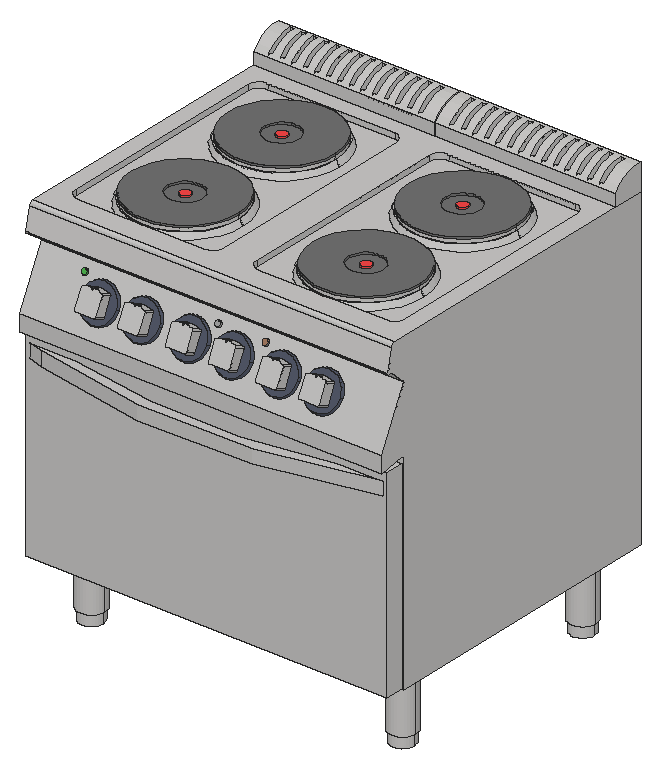
Revit family "QF_ZANUSSI_372016_Z7ECEH4RE0", category Specialty Equipment, Revit 2018
Family settings
  Round Connector Dimension = Use Diameter
  Part Type = Normal
  Work Plane-Based = No
  Always vertical = Yes
  Cut with Voids When Loaded = No
  Shared = No
  Room Calculation Point = No
Parameters
  Width = 800 mm  # constant formula
  Weight in Pounds = 176  # constant formula
  Weight = 0.00 kg
  Watts = 16400 W  # constant formula
  Volts = 400 V  # constant formula
  URL Manufacturer = "http://www.zanussiprofessional.com"
  URL Cutsheet = "www.electrolux.com/foodservice"
  URL = "http://www.zanussiprofessional.com"
  Type Mark [instance] = ""
  Steam Supply Size = 0"
  Steam Supply Minimum Pressure = 0.00 psi
  Steam Supply Maximum Pressure = 0.00 psi
  Steam Pounds per Hour = 0
  Status [instance] = ""
  Specification by User [instance] = ""
  Specification by Manufacturer = ""
  Show Logo [instance] = yes
  Show Clearance [instance] = yes
  Serial Number = ""
  Seismic Rating = ""
  SMACNA No = ""
  Revision Code [instance] = ""
  Refrigeration Suction Line Size = 0"
  Refrigeration Liquid Line Size = 0"
  Refrigerant Compressor Remote = yes
  Phase = 3  # constant formula
  Omniclass Number and Title = ""
  Number of Poles [instance] = 1
  NAFEM Spec ID Number = ""
  Model = "Z7ECEH4RE0"
  Min Ckt Ampacity = 0 A
  Max Overcurrent Protection = 0 A
  Masterspec = ""
  Manufacturer = "Zanussi"
  Length Actual = 800 mm  # constant formula
  Item Number [instance] = "372016"
  Installed By [instance] = ""
  Identify Quantity as Lot [instance] = yes
  Hot Water Size = 0"
  Height Actual = 850 mm  # constant formula
  Height = 908 mm  # constant formula
  HP = "22 HP"
  Gas Size = 0"
  Gas KW = 0
  Gas Input = 0.0 Btu/h
  Furnished By [instance] = ""
  Foodservice Equipment Identifier [instance] = yes
  FL Amps = if(Phase = 3, Watts / (Volts * 1.73), Watts / Volts)  # 23.6994 A
  Electrical Remarks [instance] = "400 V/3 ph/50/60 Hz"  # constant formula
  Electric Connection Type [instance] = ""
  Elec Conn RI Height [instance] = 0 mm
  Elec Conn Connection Height [instance] = 0 mm
  Direct Waste Size = 0"
  Description = "4-HOT PLATE ELECTRIC RANGE+OVEN 800 MM"
  Depth Actual = 700 mm  # constant formula
  Depth = 715 mm  # constant formula
  Cycle = if([60 Hertz Option], 60 Hz, 50 Hz)  # 60 Hz
  Conn Plug = ""
  Conn Conduit = yes
  Condensate Return Size = 0"
  Compressed Air Volume = 0 GPM
  Compressed Air Size = 0"
  Compressed Air Pressure = 0.00 psi
  Cold Water Size = 0"
  CSI MasterFormat = ""
  CSI Master Format = ""
  Base Height [instance] = 150 mm  # constant formula
  Apparent Power = if(Phase = 3, Volts * FL Amps * 1.73, Volts * FL Amps)  # 16400 VA
  Accessory = yes
  60 Hertz Option = not([50 Hertz Option])  # yes
  50 Hertz Option = no
Reference planes
  plane 1 "BACK": y = 0
  plane 2: z = 0
  plane 3 "LEFT": x = 0
  plane 4 "RIGHT": x = 800
  plane 5 "FRONT": y = -715
  plane 6 "TOP": z = 908
  plane 7 "Center Y": x = 400
  plane 8 "Center X": y = -357.5
  plane 9 "TOP A": z = 850
  plane 10 "Base": z = 150
  plane 11 "panel": through (-6096, -654.982, 762.364) normal (0, -0.8956, 0.4448)
  plane 12: y = -700
Forms (mm)
  Extrusion 1, solid, material "QF_Finishes_Stainless Steel"
    sketch origin (0, 0, 0) x (0, 1, 0) y (0, 0, 1)
      loop
        line (0, 850) -> (-679.358, 850)
        arc (-679.358, 850) -> (-684.643, 847.811) -> (-686.833, 842.526) r 7.474
        line (-686.833, 842.526) -> (-699.884, 797.011)
        arc (-699.884, 797.011) -> (-699.396, 794.379) -> (-697, 793.184) r 3
        line (-697, 793.184) -> (-686.802, 793.184) -> (-654.982, 761.364) -> (-715, 640.508) -> (-715, 605.508) -> (-658.645, 613.428)
        arc (-658.645, 613.428) -> (-656.101, 612.674) -> (-655, 610.259) r 3.2
        line (-655, 610.259) -> (-655, 150) -> (0, 150) -> (0, 850)
      loop
        line (-700, 600) -> (-700, 155) -> (-660, 155) -> (-660, 600) -> (-700, 600)
    from 0 to 800
  Extrusion 2, solid, material "QF_Finishes_Clearance", visible <- "Show Clearance", detail levels coarse
    sketch origin (0, 0, 0) x (1, 0, 0) y (0, 1, 0)
      loop
        line (0, -715) -> (0, 0) -> (800, 0) -> (800, -715) -> (950.019, -715) -> (950.019, 150.019) -> (-150.019, 150.019) -> (-150.019, -715) -> (0, -715)
    from 0 to 908
  Revolve 3, solid, material "QF_Finishes_Stainless Steel"
    sketch origin (0, -587.387, 608.09) x (0, 0, 1) y (-1, 0, 0)
      loop
        line (-608.09, -56) -> (-458.09, -56) -> (-458.09, -26) -> (-583.09, -26) -> (-583.09, -29.75) -> (-608.09, -29.75) -> (-608.09, -56)
      axis (-608.09, -56) -> (-458.09, -56)
    angle from 0 to 360
  Revolve 4, solid, material "QF_Finishes_Stainless Steel"
    sketch origin (400.05, -587.387, 608.09) x (0, 0, 1) y (-1, 0, 0)
      loop
        line (-608.09, -343.95) -> (-608.09, -370.2) -> (-583.09, -370.2) -> (-583.09, -373.95) -> (-458.09, -373.95) -> (-458.09, -343.95) -> (-608.09, -343.95)
      axis (-608.09, -343.95) -> (-458.09, -343.95)
    angle from 0 to 360
  Revolve 5, solid, material "QF_Finishes_Stainless Steel"
    sketch origin (0, -90, 608.09) x (0, 0, 1) y (-1, 0, 0)
      loop
        line (-608.09, -56) -> (-458.09, -56) -> (-458.09, -26) -> (-583.09, -26) -> (-583.09, -29.75) -> (-608.09, -29.75) -> (-608.09, -56)
      axis (-608.09, -56) -> (-458.09, -56)
    angle from 0 to 360
  Revolve 6, solid, material "QF_Finishes_Stainless Steel"
    sketch origin (400.05, -90, 608.09) x (0, 0, 1) y (-1, 0, 0)
      loop
        line (-608.09, -343.95) -> (-608.09, -370.2) -> (-583.09, -370.2) -> (-583.09, -373.95) -> (-458.09, -373.95) -> (-458.09, -343.95) -> (-608.09, -343.95)
      axis (-608.09, -343.95) -> (-458.09, -343.95)
    angle from 0 to 360
  Extrusion 7, solid, material "QF_Finishes_Stainless Steel"
    sketch origin (-77.88, -4572, 150) x (-1, 0, 0) y (0, -1, 0)
      loop
        circle (-830.255, -4059.238) r 12.7
    from 3.2 to 0
  Extrusion 8, solid, material "QF_Finishes_Door Clearance", visible <- "Show Clearance", detail levels coarse
    sketch origin (400, 0, 0) x (0, 1, 0) y (0, 0, 1)
      loop
        line (-684.838, 155) -> (-684.838, 600)
        arc (-684.838, 600) -> (-986.649, 462.797) -> (-1109.838, 155) r 445
        line (-1109.838, 155) -> (-684.838, 155)
    from -400.05 to 400.05
  Extrusion 9, solid, material "QF_Finishes_Stainless Steel"
    sketch origin (0, 0, 576.362) x (0, 1, 0) y (0, 0, 1)
      loop
        line (0, 273.638) -> (0, 331.638)
        arc (0, 331.638) -> (-39.07, 324.218) -> (-69.85, 299.038) r 80.685
        line (-69.85, 299.038) -> (-69.85, 273.638) -> (0, 273.638)
    from 0 to 400.05
  Extrusion 10, void
    sketch origin (0, 0, 851) x (0, -1, 0) y (1, 0, 0)
      loop
        line (6.761, 29.703) -> (63.911, 29.703) -> (63.911, 38.999) -> (6.761, 38.999) -> (6.761, 29.703)
      loop
        line (63.911, 64.487) -> (6.761, 64.487) -> (6.761, 55.191) -> (63.911, 55.191) -> (63.911, 64.487)
      loop
        line (63.911, 89.975) -> (6.761, 89.975) -> (6.761, 80.68) -> (63.911, 80.68) -> (63.911, 89.975)
      loop
        line (63.911, 115.464) -> (6.761, 115.464) -> (6.761, 106.168) -> (63.911, 106.168) -> (63.911, 115.464)
      loop
        line (63.911, 140.952) -> (6.761, 140.952) -> (6.761, 131.656) -> (63.911, 131.656) -> (63.911, 140.952)
      loop
        line (63.911, 166.44) -> (6.761, 166.44) -> (6.761, 157.145) -> (63.911, 157.145) -> (63.911, 166.44)
      loop
        line (63.911, 191.929) -> (6.761, 191.929) -> (6.761, 182.633) -> (63.911, 182.633) -> (63.911, 191.929)
      loop
        line (63.911, 217.417) -> (6.761, 217.417) -> (6.761, 208.121) -> (63.911, 208.121) -> (63.911, 217.417)
      loop
        line (63.911, 242.905) -> (6.761, 242.905) -> (6.761, 233.61) -> (63.911, 233.61) -> (63.911, 242.905)
      loop
        line (63.911, 268.394) -> (6.761, 268.394) -> (6.761, 259.098) -> (63.911, 259.098) -> (63.911, 268.394)
      loop
        line (63.911, 293.882) -> (6.761, 293.882) -> (6.761, 284.586) -> (63.911, 284.586) -> (63.911, 293.882)
      loop
        line (63.911, 319.37) -> (6.761, 319.37) -> (6.761, 310.075) -> (63.911, 310.075) -> (63.911, 319.37)
      loop
        line (63.911, 344.859) -> (6.761, 344.859) -> (6.761, 335.563) -> (63.911, 335.563) -> (63.911, 344.859)
      loop
        line (63.911, 370.347) -> (6.761, 370.347) -> (6.761, 361.051) -> (63.911, 361.051) -> (63.911, 370.347)
    from 25.4 to 63.5
  Extrusion 11, void
    sketch origin (0, 0, 851) x (1, 0, 0) y (0, -1, 0)
      loop
        line (60.425, 104.885) -> (339.575, 104.885)
        arc (339.575, 104.885) -> (357.536, 112.324) -> (364.975, 130.285) r 25.4
        line (364.975, 130.285) -> (364.975, 604.235)
        arc (364.975, 604.235) -> (357.536, 622.195) -> (339.575, 629.635) r 25.4
        line (339.575, 629.635) -> (60.425, 629.635)
        arc (60.425, 629.635) -> (42.464, 622.195) -> (35.025, 604.235) r 25.4
        line (35.025, 604.235) -> (35.025, 130.285)
        arc (35.025, 130.285) -> (42.464, 112.324) -> (60.425, 104.885) r 25.4
      loop
        arc (739.575, 104.885) -> (757.536, 112.324) -> (764.975, 130.285) r 25.4
        line (764.975, 130.285) -> (764.975, 604.235)
        arc (764.975, 604.235) -> (757.536, 622.195) -> (739.575, 629.635) r 25.4
        line (739.575, 629.635) -> (460.425, 629.635)
        arc (460.425, 629.635) -> (442.464, 622.195) -> (435.025, 604.235) r 25.4
        line (435.025, 604.235) -> (435.025, 130.285)
        arc (435.025, 130.285) -> (442.464, 112.324) -> (460.425, 104.885) r 25.4
        line (460.425, 104.885) -> (739.575, 104.885)
    from 0 to 12.7
  Extrusion 12, solid, material "QF_Finishes_Stainless Steel"
    sketch origin (400.05, 0, 576.362) x (0, 1, 0) y (0, 0, 1)
      loop
        line (0, 273.638) -> (0, 331.638)
        arc (0, 331.638) -> (-39.07, 324.218) -> (-69.85, 299.038) r 80.685
        line (-69.85, 299.038) -> (-69.85, 273.638) -> (0, 273.638)
    from 0 to 400.05
  Extrusion 13, void
    sketch origin (400.05, 0, 851) x (0, -1, 0) y (1, 0, 0)
      loop
        line (6.761, 29.653) -> (63.911, 29.653) -> (63.911, 38.949) -> (6.761, 38.949) -> (6.761, 29.653)
      loop
        line (63.911, 64.437) -> (6.761, 64.437) -> (6.761, 55.141) -> (63.911, 55.141) -> (63.911, 64.437)
      loop
        line (63.911, 89.925) -> (6.761, 89.925) -> (6.761, 80.63) -> (63.911, 80.63) -> (63.911, 89.925)
      loop
        line (63.911, 115.414) -> (6.761, 115.414) -> (6.761, 106.118) -> (63.911, 106.118) -> (63.911, 115.414)
      loop
        line (63.911, 140.902) -> (6.761, 140.902) -> (6.761, 131.606) -> (63.911, 131.606) -> (63.911, 140.902)
      loop
        line (63.911, 166.39) -> (6.761, 166.39) -> (6.761, 157.095) -> (63.911, 157.095) -> (63.911, 166.39)
      loop
        line (63.911, 191.879) -> (6.761, 191.879) -> (6.761, 182.583) -> (63.911, 182.583) -> (63.911, 191.879)
      loop
        line (63.911, 217.367) -> (6.761, 217.367) -> (6.761, 208.071) -> (63.911, 208.071) -> (63.911, 217.367)
      loop
        line (63.911, 242.855) -> (6.761, 242.855) -> (6.761, 233.56) -> (63.911, 233.56) -> (63.911, 242.855)
      loop
        line (63.911, 268.344) -> (6.761, 268.344) -> (6.761, 259.048) -> (63.911, 259.048) -> (63.911, 268.344)
      loop
        line (63.911, 293.832) -> (6.761, 293.832) -> (6.761, 284.536) -> (63.911, 284.536) -> (63.911, 293.832)
      loop
        line (63.911, 319.32) -> (6.761, 319.32) -> (6.761, 310.025) -> (63.911, 310.025) -> (63.911, 319.32)
      loop
        line (63.911, 344.809) -> (6.761, 344.809) -> (6.761, 335.513) -> (63.911, 335.513) -> (63.911, 344.809)
      loop
        line (63.911, 370.297) -> (6.761, 370.297) -> (6.761, 361.001) -> (63.911, 361.001) -> (63.911, 370.297)
    from 25.4 to 63.5
  Blend 14, solid, material "QF_Finishes_Navy Blue"
    base sketch origin (152.5, -684.991, 701.936) x (1, 0, 0) y (0, 0.444781, 0.895639)
      loop
        circle (0, 0) r 42.5
    top sketch origin (152.5, -684.991, 701.936) x (1, 0, 0) y (0, 0.444781, 0.895639)
      loop
        circle (0, 0) r 40.5
    from 0 to 5
  Extrusion 15, solid, material "QF_Finishes_Stainless Steel"
    sketch origin (152.5, -684.991, 701.936) x (1, 0, 0) y (0, 0.444781, 0.895639)
      loop
        arc (-21.147, 22.789) -> (-22.494, 21.685) -> (-23, 20.019) r 2.997
        line (-23, 20.019) -> (-23, -20.019)
        arc (-23, -20.019) -> (-22.122, -22.138) -> (-20.003, -23.016) r 2.997
        line (-20.003, -23.016) -> (20.003, -23.016)
        arc (20.003, -23.016) -> (22.122, -22.138) -> (23, -20.019) r 2.997
        line (23, -20.019) -> (23, 20.019)
        arc (23, 20.019) -> (22.494, 21.685) -> (21.147, 22.789) r 2.997
        arc (21.147, 22.789) -> (0, 26.984) -> (-21.147, 22.789) r 55.4
    from 10 to 34
  Extrusion 16, solid, material "QF_Plastic-Black-Matte"
    sketch origin (210, -684.991, 701.936) x (0, 0.444781, 0.895639) y (0, -0.895639, 0.444781)
      loop
        line (26.984, 34) -> (26.984, 19) -> (27.984, 19) -> (27.984, 34)
        arc (27.984, 34) -> (27.691, 34.707) -> (26.984, 35) r 1
        line (26.984, 35) -> (23.984, 35) -> (23.984, 34) -> (26.984, 34)
    from -58.5 to -56.5
  Extrusion 17, solid, material "QF_Finishes_Stainless Steel"
    sketch origin (152.5, -684.991, 701.936) x (1, 0, 0) y (0, 0.444781, 0.895639)
      loop
        line (17.5, 17.5) -> (-17.5, 17.5) -> (-17.5, -17.5) -> (17.5, -17.5) -> (17.5, 17.5)
    from 5 to 10
  Extrusion 18, solid, material "QF_Plastic-Black-Matte"
    sketch origin (190, -684.991, 701.936) x (0, 0.444781, 0.895639) y (0, 0.895639, -0.444781)
      loop
        line (26.984, -34) -> (23.984, -34) -> (23.984, -35) -> (26.984, -35)
        arc (26.984, -35) -> (27.691, -34.707) -> (27.984, -34) r 1
        line (27.984, -34) -> (27.984, -19) -> (26.984, -19) -> (26.984, -34)
    from -58.5 to -56.5
  Extrusion 19, solid, material "QF_Finishes_Stainless Steel"
    sketch origin (247.5, -684.991, 701.936) x (-1, 0, 0) y (0, -0.444781, -0.895639)
      loop
        line (17.55, -17.5) -> (17.55, 17.5) -> (-17.45, 17.5) -> (-17.45, -17.5) -> (17.55, -17.5)
    from 5 to 10
  Blend 20, solid, material "QF_Finishes_Navy Blue"
    base sketch origin (247.5, -684.991, 701.936) x (1, 0, 0) y (0, 0.444781, 0.895639)
      loop
        circle (-0.05, 0) r 42.5
    top sketch origin (247.5, -684.991, 701.936) x (1, 0, 0) y (0, 0.444781, 0.895639)
      loop
        circle (-0.05, 0) r 40.5
    from 0 to 5
  Extrusion 21, solid, material "QF_Finishes_Stainless Steel"
    sketch origin (247.5, -684.991, 701.936) x (-1, 0, 0) y (0, -0.444781, -0.895639)
      loop
        arc (-21.097, -22.789) -> (0.05, -26.984) -> (21.197, -22.789) r 55.4
        arc (21.197, -22.789) -> (22.544, -21.685) -> (23.05, -20.019) r 2.997
        line (23.05, -20.019) -> (23.05, 20.019)
        arc (23.05, 20.019) -> (22.172, 22.138) -> (20.053, 23.016) r 2.997
        line (20.053, 23.016) -> (-19.953, 23.016)
        arc (-19.953, 23.016) -> (-22.072, 22.138) -> (-22.95, 20.019) r 2.997
        line (-22.95, 20.019) -> (-22.95, -20.019)
        arc (-22.95, -20.019) -> (-22.444, -21.685) -> (-21.097, -22.789) r 2.997
    from 10 to 34
  Blend 22, solid, material "QF_Finishes_Navy Blue"
    base sketch origin (447.5, -684.991, 701.936) x (1, 0, 0) y (0, 0.444781, 0.895639)
      loop
        circle (-0.05, 0) r 42.5
    top sketch origin (447.5, -684.991, 701.936) x (1, 0, 0) y (0, 0.444781, 0.895639)
      loop
        circle (-0.05, 0) r 40.5
    from 0 to 5
  Extrusion 23, solid, material "QF_Finishes_Stainless Steel"
    sketch origin (215, -684.991, 701.936) x (1, 0, 0) y (0, 0.444781, 0.895639)
      loop
        arc (211.303, 22.789) -> (209.956, 21.685) -> (209.45, 20.019) r 2.997
        line (209.45, 20.019) -> (209.45, -20.019)
        arc (209.45, -20.019) -> (210.328, -22.138) -> (212.447, -23.016) r 2.997
        line (212.447, -23.016) -> (252.453, -23.016)
        arc (252.453, -23.016) -> (254.572, -22.138) -> (255.45, -20.019) r 2.997
        line (255.45, -20.019) -> (255.45, 20.019)
        arc (255.45, 20.019) -> (254.944, 21.685) -> (253.597, 22.789) r 2.997
        arc (253.597, 22.789) -> (232.45, 26.984) -> (211.303, 22.789) r 55.4
    from 10 to 34
  Blend 24, solid, material "QF_Finishes_Navy Blue"
    base sketch origin (552.5, -684.991, 701.936) x (1, 0, 0) y (0, 0.444781, 0.895639)
      loop
        circle (-0.05, 0) r 42.5
    top sketch origin (552.5, -684.991, 701.936) x (1, 0, 0) y (0, 0.444781, 0.895639)
      loop
        circle (-0.05, 0) r 40.5
    from 0 to 5
  Extrusion 25, solid, material "QF_Finishes_Stainless Steel"
    sketch origin (552.5, -684.991, 701.936) x (1, 0, 0) y (0, 0.444781, 0.895639)
      loop
        arc (-21.197, 22.789) -> (-22.544, 21.685) -> (-23.05, 20.019) r 2.997
        line (-23.05, 20.019) -> (-23.05, -20.019)
        arc (-23.05, -20.019) -> (-22.172, -22.138) -> (-20.053, -23.016) r 2.997
        line (-20.053, -23.016) -> (19.953, -23.016)
        arc (19.953, -23.016) -> (22.072, -22.138) -> (22.95, -20.019) r 2.997
        line (22.95, -20.019) -> (22.95, 20.019)
        arc (22.95, 20.019) -> (22.444, 21.685) -> (21.097, 22.789) r 2.997
        arc (21.097, 22.789) -> (-0.05, 26.984) -> (-21.197, 22.789) r 55.4
    from 10 to 34
  Extrusion 26, solid, material "QF_Plastic-Black-Matte"
    sketch origin (610, -684.991, 701.936) x (0, 0.444781, 0.895639) y (0, -0.895639, 0.444781)
      loop
        line (26.984, 34) -> (26.984, 19) -> (27.984, 19) -> (27.984, 34)
        arc (27.984, 34) -> (27.691, 34.707) -> (26.984, 35) r 1
        line (26.984, 35) -> (23.984, 35) -> (23.984, 34) -> (26.984, 34)
    from -58.5 to -56.5
  Extrusion 27, solid, material "QF_Finishes_Stainless Steel"
    sketch origin (552.5, -684.991, 701.936) x (1, 0, 0) y (0, 0.444781, 0.895639)
      loop
        line (17.45, 17.5) -> (-17.55, 17.5) -> (-17.55, -17.5) -> (17.45, -17.5) -> (17.45, 17.5)
    from 5 to 10
  Extrusion 28, solid, material "QF_Plastic-Black-Matte"
    sketch origin (590, -684.991, 701.936) x (0, 0.444781, 0.895639) y (0, 0.895639, -0.444781)
      loop
        line (26.984, -34) -> (23.984, -34) -> (23.984, -35) -> (26.984, -35)
        arc (26.984, -35) -> (27.691, -34.707) -> (27.984, -34) r 1
        line (27.984, -34) -> (27.984, -19) -> (26.984, -19) -> (26.984, -34)
    from -58.5 to -56.5
  Extrusion 29, solid, material "QF_Finishes_Stainless Steel"
    sketch origin (647.5, -684.991, 701.936) x (-1, 0, 0) y (0, -0.444781, -0.895639)
      loop
        line (17.6, -17.5) -> (17.6, 17.5) -> (-17.4, 17.5) -> (-17.4, -17.5) -> (17.6, -17.5)
    from 5 to 10
  Blend 30, solid, material "QF_Finishes_Navy Blue"
    base sketch origin (647.5, -684.991, 701.936) x (1, 0, 0) y (0, 0.444781, 0.895639)
      loop
        circle (-0.1, 0) r 42.5
    top sketch origin (647.5, -684.991, 701.936) x (1, 0, 0) y (0, 0.444781, 0.895639)
      loop
        circle (-0.1, 0) r 40.5
    from 0 to 5
  Extrusion 31, solid, material "QF_Finishes_Stainless Steel"
    sketch origin (647.5, -684.991, 701.936) x (-1, 0, 0) y (0, -0.444781, -0.895639)
      loop
        arc (-21.047, -22.789) -> (0.1, -26.984) -> (21.247, -22.789) r 55.4
        arc (21.247, -22.789) -> (22.594, -21.685) -> (23.1, -20.019) r 2.997
        line (23.1, -20.019) -> (23.1, 20.019)
        arc (23.1, 20.019) -> (22.222, 22.138) -> (20.103, 23.016) r 2.997
        line (20.103, 23.016) -> (-19.903, 23.016)
        arc (-19.903, 23.016) -> (-22.022, 22.138) -> (-22.9, 20.019) r 2.997
        line (-22.9, 20.019) -> (-22.9, -20.019)
        arc (-22.9, -20.019) -> (-22.394, -21.685) -> (-21.047, -22.789) r 2.997
    from 10 to 34
  Extrusion 32, solid, material "QF_Plastic-Black-Matte"
    sketch origin (295, -684.991, 701.936) x (0, 0.444781, 0.895639) y (0, 0.895639, -0.444781)
      loop
        line (26.984, -34) -> (23.984, -34) -> (23.984, -35) -> (26.984, -35)
        arc (26.984, -35) -> (27.691, -34.707) -> (27.984, -34) r 1
        line (27.984, -34) -> (27.984, -19) -> (26.984, -19) -> (26.984, -34)
    from -58.5 to -56.5
  Extrusion 33, solid, material "QF_Finishes_Stainless Steel"
    sketch origin (352.5, -684.991, 701.936) x (-1, 0, 0) y (0, -0.444781, -0.895639)
      loop
        line (17.55, -17.5) -> (17.55, 17.5) -> (-17.45, 17.5) -> (-17.45, -17.5) -> (17.55, -17.5)
    from 5 to 10
  Extrusion 34, solid, material "QF_Finishes_Stainless Steel"
    sketch origin (352.5, -684.991, 701.936) x (-1, 0, 0) y (0, -0.444781, -0.895639)
      loop
        arc (-21.097, -22.789) -> (0.05, -26.984) -> (21.197, -22.789) r 55.4
        arc (21.197, -22.789) -> (22.544, -21.685) -> (23.05, -20.019) r 2.997
        line (23.05, -20.019) -> (23.05, 20.019)
        arc (23.05, 20.019) -> (22.172, 22.138) -> (20.053, 23.016) r 2.997
        line (20.053, 23.016) -> (-19.953, 23.016)
        arc (-19.953, 23.016) -> (-22.072, 22.138) -> (-22.95, 20.019) r 2.997
        line (-22.95, 20.019) -> (-22.95, -20.019)
        arc (-22.95, -20.019) -> (-22.444, -21.685) -> (-21.097, -22.789) r 2.997
    from 10 to 34
  Blend 35, solid, material "QF_Finishes_Navy Blue"
    base sketch origin (352.5, -684.991, 701.936) x (1, 0, 0) y (0, 0.444781, 0.895639)
      loop
        circle (-0.05, 0) r 42.5
    top sketch origin (352.5, -684.991, 701.936) x (1, 0, 0) y (0, 0.444781, 0.895639)
      loop
        circle (-0.05, 0) r 40.5
    from 0 to 5
  Extrusion 36, solid, material "QF_Plastic-Black-Matte"
    sketch origin (390, -684.991, 701.936) x (0, 0.444781, 0.895639) y (0, 0.895639, -0.444781)
      loop
        line (26.984, -34) -> (23.984, -34) -> (23.984, -35) -> (26.984, -35)
        arc (26.984, -35) -> (27.691, -34.707) -> (27.984, -34) r 1
        line (27.984, -34) -> (27.984, -19) -> (26.984, -19) -> (26.984, -34)
    from -58.5 to -56.5
  Extrusion 37, solid, material "QF_Finishes_Stainless Steel"
    sketch origin (447.5, -684.991, 701.936) x (-1, 0, 0) y (0, -0.444781, -0.895639)
      loop
        line (17.55, -17.5) -> (17.55, 17.5) -> (-17.45, 17.5) -> (-17.45, -17.5) -> (17.55, -17.5)
    from 5 to 10
  Extrusion 38, solid, material "QF_Finishes_Gray"
    sketch origin (0, -829.045, 411.86) x (0, 0.444781, 0.895639) y (-1, 0, 0)
      loop
        circle (366.376, -399.95) r 6
    from 0 to 1.6
  Extrusion 39, solid, material "QF_Finishes_Brown"
    sketch origin (105, -829.045, 411.86) x (0, 0.444781, 0.895639) y (-1, 0, 0)
      loop
        circle (366.376, -399.95) r 6
    from 0 to 1.6
  Extrusion 40, solid, material "QF_Finishes_DarkGreen"
    sketch origin (-295, -829.045, 411.86) x (0, 0.444781, 0.895639) y (-1, 0, 0)
      loop
        circle (366.376, -400) r 6
    from 0 to 1.6
  Extrusion 41, solid, material "QF_Finishes_Stainless Steel"
    sketch origin (-77.88, -4572, 150) x (-1, 0, 0) y (0, -1, 0)
      loop
        line (-867.83, -3872) -> (-774.225, -3872)
        arc (-774.225, -3872) -> (-477.88, -3837.012) -> (-181.535, -3872) r 1272.488
        line (-181.535, -3872) -> (-87.93, -3872)
        arc (-87.93, -3872) -> (-105.149, -3866.705) -> (-122.441, -3861.65) r 1297.485
        arc (-122.441, -3861.65) -> (-495.895, -3812.14) -> (-867.83, -3872) r 1297.485
    from 400 to 430
Cuts and joins
  Extrusion 10, Extrusion 13 cuts Extrusion 9
  Extrusion 11 cuts Extrusion 1
  Extrusion 13 cuts Extrusion 2
  Extrusion 13 cuts Extrusion 12
Lines and regions (mm)
  Split face 1
    outline origin (152.5, -689.469, 704.16) x (1, 0, 0) y (0, 0.444781, 0.895639)
      loop
        circle (-33, 0) r 3
  Split face 2
    outline origin (253.401, -689.469, 704.16) x (1, 0, 0) y (0, 0.444781, 0.895639)
      loop
        line (-8.901, 38.561) -> (-8.901, 28.561) -> (-2.901, 28.561) -> (-2.901, 38.561) -> (-8.901, 38.561)
  Split face 3
    outline origin (253.401, -689.469, 704.16) x (1, 0, 0) y (0, 0.444781, 0.895639)
      loop
        line (-8.401, 38.061) -> (-8.401, 29.061) -> (-3.401, 29.061) -> (-3.401, 38.061) -> (-8.401, 38.061)
  Split face 4
    outline origin (253.401, -689.469, 704.16) x (1, 0, 0) y (0, 0.444781, 0.895639)
      loop
        line (-8.401, 33.561) -> (-3.401, 33.561)
  Split face 5
    outline origin (253.401, -689.469, 704.16) x (1, 0, 0) y (0, 0.444781, 0.895639)
      loop
        line (-8.401, 33.061) -> (-3.401, 33.061)
  Split face 6
    outline origin (158.401, -689.469, 704.16) x (1, 0, 0) y (0, 0.444781, 0.895639)
      loop
        line (-8.901, 38.561) -> (-8.901, 28.561) -> (-2.901, 28.561) -> (-2.901, 38.561) -> (-8.901, 38.561)
  Split face 7
    outline origin (158.401, -689.469, 704.16) x (1, 0, 0) y (0, 0.444781, 0.895639)
      loop
        line (-8.401, 38.061) -> (-8.401, 29.061) -> (-3.401, 29.061) -> (-3.401, 38.061) -> (-8.401, 38.061)
  Split face 8
    outline origin (158.401, -689.469, 704.16) x (1, 0, 0) y (0, 0.444781, 0.895639)
      loop
        line (-8.401, 34.061) -> (-3.401, 34.061)
  Split face 9
    outline origin (158.401, -689.469, 704.16) x (1, 0, 0) y (0, 0.444781, 0.895639)
      loop
        line (-8.401, 33.561) -> (-3.401, 33.561)
  Split face 10
    outline origin (178.157, -675.159, 732.975) x (-1, 0, 0) y (0, -0.444781, -0.895639)
      loop
        circle (43.456, 61.543) r 1.5
  Split face 11
    outline origin (158.401, -689.469, 704.16) x (1, 0, 0) y (0, 0.444781, 0.895639)
      loop
        circle (-5.901, 31.311) r 2.029
  Split face 12
    outline origin (253.401, -689.469, 704.16) x (1, 0, 0) y (0, 0.444781, 0.895639)
      loop
        circle (-5.901, 35.811) r 2.031
  Split face 13
    outline origin (152.5, -689.469, 704.16) x (1, 0, 0) y (0, 0.444781, 0.895639)
      loop
        circle (-24.487, 26.694) r 3.497
  Split face 14
    outline origin (247.5, -689.469, 704.16) x (1, 0, 0) y (0, 0.444781, 0.895639)
      loop
        circle (-24.487, 26.694) r 3.497
  Split face 15
    outline origin (247.5, -689.469, 704.16) x (1, 0, 0) y (0, 0.444781, 0.895639)
      loop
        circle (-33, 0) r 3
  Split face 16
    outline origin (247.5, -689.469, 704.16) x (1, 0, 0) y (0, 0.444781, 0.895639)
      loop
        circle (-17.8, -29.371) r 1.5
  Split face 17
    outline origin (447.5, -689.469, 704.16) x (1, 0, 0) y (0, 0.444781, 0.895639)
      loop
        circle (0, 33) r 1
  Split face 18
    outline origin (447.5, -689.469, 704.16) x (1, 0, 0) y (0, 0.444781, 0.895639)
      loop
        circle (-33, 0) r 1
  Split face 19
    outline origin (447.5, -689.469, 704.16) x (-1, 0, 0) y (0, 0.444781, 0.895639)
      loop
        circle (31.876, -8.541) r 1
  Split face 20
    outline origin (447.5, -689.469, 704.16) x (-1, 0, 0) y (0, 0.444781, 0.895639)
      loop
        circle (28.579, -16.5) r 1
  Split face 21
    outline origin (447.5, -689.469, 704.16) x (-1, 0, 0) y (0, 0.444781, 0.895639)
      loop
        circle (23.335, -23.335) r 1
  Split face 22
    outline origin (447.5, -689.469, 704.16) x (-1, 0, 0) y (0, 0.444781, 0.895639)
      loop
        circle (16.5, -28.579) r 1
  Split face 23
    outline origin (447.5, -689.469, 704.16) x (-1, 0, 0) y (0, 0.444781, 0.895639)
      loop
        circle (8.541, -31.876) r 1
  Split face 24
    outline origin (447.5, -689.469, 704.16) x (1, 0, 0) y (0, -0.444781, -0.895639)
      loop
        circle (33, 0) r 1
  Split face 25
    outline origin (447.5, -689.469, 704.16) x (-1, 0, 0) y (0, -0.444781, -0.895639)
      loop
        circle (-8.541, 31.876) r 1
  Split face 26
    outline origin (447.5, -689.469, 704.16) x (-1, 0, 0) y (0, -0.444781, -0.895639)
      loop
        circle (-16.5, 28.579) r 1
  Split face 27
    outline origin (447.5, -689.469, 704.16) x (-1, 0, 0) y (0, -0.444781, -0.895639)
      loop
        circle (-23.335, 23.335) r 1
  Split face 28
    outline origin (447.5, -689.469, 704.16) x (-1, 0, 0) y (0, -0.444781, -0.895639)
      loop
        circle (-28.579, 16.5) r 1
  Split face 29
    outline origin (447.5, -689.469, 704.16) x (-1, 0, 0) y (0, -0.444781, -0.895639)
      loop
        circle (-31.876, 8.541) r 1
  Split face 30
    outline origin (552.5, -689.469, 704.16) x (1, 0, 0) y (0, 0.444781, 0.895639)
      loop
        circle (-33, 0) r 3
  Split face 31
    outline origin (653.401, -689.469, 704.16) x (1, 0, 0) y (0, 0.444781, 0.895639)
      loop
        line (-8.901, 38.561) -> (-8.901, 28.561) -> (-2.901, 28.561) -> (-2.901, 38.561) -> (-8.901, 38.561)
  Split face 32
    outline origin (653.401, -689.469, 704.16) x (1, 0, 0) y (0, 0.444781, 0.895639)
      loop
        line (-8.401, 38.061) -> (-8.401, 29.061) -> (-3.401, 29.061) -> (-3.401, 38.061) -> (-8.401, 38.061)
  Split face 33
    outline origin (653.401, -689.469, 704.16) x (1, 0, 0) y (0, 0.444781, 0.895639)
      loop
        line (-8.401, 33.561) -> (-3.401, 33.561)
  Split face 34
    outline origin (653.401, -689.469, 704.16) x (1, 0, 0) y (0, 0.444781, 0.895639)
      loop
        line (-8.401, 33.061) -> (-3.401, 33.061)
  Split face 35
    outline origin (558.401, -689.469, 704.16) x (1, 0, 0) y (0, 0.444781, 0.895639)
      loop
        line (-8.901, 38.561) -> (-8.901, 28.561) -> (-2.901, 28.561) -> (-2.901, 38.561) -> (-8.901, 38.561)
  Split face 36
    outline origin (558.401, -689.469, 704.16) x (1, 0, 0) y (0, 0.444781, 0.895639)
      loop
        line (-8.401, 38.061) -> (-8.401, 29.061) -> (-3.401, 29.061) -> (-3.401, 38.061) -> (-8.401, 38.061)
  Split face 37
    outline origin (558.401, -689.469, 704.16) x (1, 0, 0) y (0, 0.444781, 0.895639)
      loop
        line (-8.401, 34.061) -> (-3.401, 34.061)
  Split face 38
    outline origin (558.401, -689.469, 704.16) x (1, 0, 0) y (0, 0.444781, 0.895639)
      loop
        line (-8.401, 33.561) -> (-3.401, 33.561)
  Split face 39
    outline origin (578.157, -675.159, 732.975) x (-1, 0, 0) y (0, -0.444781, -0.895639)
      loop
        circle (43.456, 61.543) r 1.5
  Split face 40
    outline origin (558.401, -689.469, 704.16) x (1, 0, 0) y (0, 0.444781, 0.895639)
      loop
        circle (-5.901, 31.311) r 2.029
  Split face 41
    outline origin (653.401, -689.469, 704.16) x (1, 0, 0) y (0, 0.444781, 0.895639)
      loop
        circle (-5.901, 35.811) r 2.031
  Split face 42
    outline origin (552.5, -689.469, 704.16) x (1, 0, 0) y (0, 0.444781, 0.895639)
      loop
        circle (-24.487, 26.694) r 3.497
  Split face 43
    outline origin (647.5, -689.469, 704.16) x (1, 0, 0) y (0, 0.444781, 0.895639)
      loop
        circle (-24.487, 26.694) r 3.497
  Split face 44
    outline origin (647.5, -689.469, 704.16) x (1, 0, 0) y (0, 0.444781, 0.895639)
      loop
        circle (-33, 0) r 3
  Split face 45
    outline origin (647.5, -689.469, 704.16) x (1, 0, 0) y (0, 0.444781, 0.895639)
      loop
        circle (-17.8, -29.371) r 1.5
  Split face 46
    outline origin (447.5, -689.469, 704.16) x (1, 0, 0) y (0, 0.444781, 0.895639)
      loop
        circle (0, -33) r 1
  Split face 47
    outline origin (352.5, -689.469, 704.16) x (1, 0, 0) y (0, 0.444781, 0.895639)
      loop
        line (-35.5, 0.5) -> (-29.5, 0.5) -> (-29.5, 2.5) -> (-35.5, 2.5) -> (-35.5, 0.5)
  Split face 48
    outline origin (352.5, -690.803, 701.473) x (1, 0, 0) y (0, 0.444781, 0.895639)
      loop
        line (-35.5, 0.5) -> (-29.5, 0.5) -> (-29.5, 2.5) -> (-35.5, 2.5) -> (-35.5, 0.5)
  Split face 49
    outline origin (352.5, -689.469, 704.16) x (1, 0, 0) y (0, 0.444781, 0.895639)
      loop
        line (-3, -32.32) -> (-3, -34.32) -> (3, -34.32) -> (3, -32.32) -> (-3, -32.32)
  Split face 50
    outline origin (352.5, -689.469, 704.16) x (1, 0, 0) y (0, 0.444781, 0.895639)
      loop
        circle (0, 34.714) r 1.714
  symbolic lines, style "QF-Clearances", visible <- "Show Clearance", detail levels coarse
    curve 1: line (-150.019, 150.019, 850) -> (-150.019, -716.377, 850)
    curve 2: line (950.019, 150.019, 850) -> (-150.019, 150.019, 850)
    curve 3: line (950.019, -716.377, 850) -> (950.019, 150.019, 850)
  symbolic lines
    curve 4: line (0, 0, 850) -> (800, 0, 850)
    curve 5: line (0, -715, 850) -> (0, 0, 850)
    curve 6: line (800, 0, 850) -> (800, -715, 850)
    curve 7: line (0, -69.85, 850) -> (0, -63.012, 850)
    curve 8: line (0, -69.85, 850) -> (800, -69.85, 850)
    curve 12: line (400, -69.85, 850) -> (400, -63.012, 850)
    curve 13: line (60.375, -104.885, 850) -> (339.575, -104.885, 850)
    curve 14: arc (339.575, -104.885, 850) -> (357.536, -112.324, 850) -> (364.975, -130.285, 850) r 25.4
    curve 15: line (364.975, -130.285, 850) -> (364.975, -604.235, 850)
    curve 16: arc (364.975, -604.235, 850) -> (357.536, -622.195, 850) -> (339.575, -629.635, 850) r 25.4
    curve 17: line (339.575, -629.635, 850) -> (60.425, -629.635, 850)
    curve 18: arc (60.425, -629.635, 850) -> (42.464, -622.195, 850) -> (35.025, -604.235, 850) r 25.4
    curve 19: line (35.025, -604.235, 850) -> (35.025, -130.235, 850)
    curve 20: arc (35.025, -130.235, 850) -> (42.45, -112.31, 850) -> (60.375, -104.885, 850) r 25.35
    curve 21: line (460.375, -104.885, 850) -> (739.575, -104.885, 850)
    curve 22: arc (739.575, -104.885, 850) -> (757.536, -112.324, 850) -> (764.975, -130.285, 850) r 25.4
    curve 23: line (764.975, -130.285, 850) -> (764.975, -604.285, 850)
    curve 24: arc (764.975, -604.285, 850) -> (757.536, -622.245, 850) -> (739.575, -629.685, 850) r 25.4
    curve 25: line (739.575, -629.685, 850) -> (460.425, -629.685, 850)
    curve 26: arc (460.425, -629.685, 850) -> (442.429, -622.231, 850) -> (434.975, -604.235, 850) r 25.45
    curve 27: line (434.975, -604.235, 850) -> (434.975, -130.285, 850)
    curve 28: arc (434.975, -130.285, 850) -> (442.414, -112.324, 850) -> (460.375, -104.885, 850) r 25.4
    curve 29: line (400, -69.85, 850) -> (400, 0, 850)
    curve 30: line (29.653, -6.761, 850) -> (38.949, -6.761, 850)
    curve 31: line (29.653, -63.911, 850) -> (29.653, -6.761, 850)
    curve 32: line (38.949, -63.911, 850) -> (29.653, -63.911, 850)
    curve 33: line (38.949, -6.761, 850) -> (38.949, -63.911, 850)
    curve 34: line (55.141, -6.761, 850) -> (64.437, -6.761, 850)
    curve 35: line (55.141, -63.911, 850) -> (55.141, -6.761, 850)
    curve 36: line (64.437, -63.911, 850) -> (55.141, -63.911, 850)
    curve 37: line (64.437, -6.761, 850) -> (64.437, -63.911, 850)
    curve 38: line (80.63, -6.761, 850) -> (89.925, -6.761, 850)
    curve 39: line (80.63, -63.911, 850) -> (80.63, -6.761, 850)
    curve 40: line (89.925, -63.911, 850) -> (80.63, -63.911, 850)
    curve 41: line (89.925, -6.761, 850) -> (89.925, -63.911, 850)
    curve 42: line (106.118, -6.761, 850) -> (115.414, -6.761, 850)
    curve 43: line (106.118, -63.911, 850) -> (106.118, -6.761, 850)
    curve 44: line (115.414, -63.911, 850) -> (106.118, -63.911, 850)
    curve 45: line (115.414, -6.761, 850) -> (115.414, -63.911, 850)
    curve 46: line (131.606, -6.761, 850) -> (140.902, -6.761, 850)
    curve 47: line (131.606, -63.911, 850) -> (131.606, -6.761, 850)
    curve 48: line (140.902, -63.911, 850) -> (131.606, -63.911, 850)
    curve 49: line (140.902, -6.761, 850) -> (140.902, -63.911, 850)
    curve 50: line (157.095, -6.761, 850) -> (166.39, -6.761, 850)
    curve 51: line (157.095, -63.911, 850) -> (157.095, -6.761, 850)
    curve 52: line (166.39, -63.911, 850) -> (157.095, -63.911, 850)
    curve 53: line (166.39, -6.761, 850) -> (166.39, -63.911, 850)
    curve 54: line (182.583, -6.761, 850) -> (191.879, -6.761, 850)
    curve 55: line (182.583, -63.911, 850) -> (182.583, -6.761, 850)
    curve 56: line (191.879, -63.911, 850) -> (182.583, -63.911, 850)
    curve 57: line (191.879, -6.761, 850) -> (191.879, -63.911, 850)
    curve 58: line (208.071, -6.761, 850) -> (217.367, -6.761, 850)
    curve 59: line (208.071, -63.911, 850) -> (208.071, -6.761, 850)
    curve 60: line (217.367, -63.911, 850) -> (208.071, -63.911, 850)
    curve 61: line (217.367, -6.761, 850) -> (217.367, -63.911, 850)
    curve 62: line (233.56, -6.761, 850) -> (242.855, -6.761, 850)
    curve 63: line (233.56, -63.911, 850) -> (233.56, -6.761, 850)
    curve 64: line (242.855, -63.911, 850) -> (233.56, -63.911, 850)
    curve 65: line (242.855, -6.761, 850) -> (242.855, -63.911, 850)
    curve 66: line (259.048, -6.761, 850) -> (268.344, -6.761, 850)
    curve 67: line (259.048, -63.911, 850) -> (259.048, -6.761, 850)
    curve 68: line (268.344, -63.911, 850) -> (259.048, -63.911, 850)
    curve 69: line (268.344, -6.761, 850) -> (268.344, -63.911, 850)
    curve 70: line (284.536, -6.761, 850) -> (293.832, -6.761, 850)
    curve 71: line (284.536, -63.911, 850) -> (284.536, -6.761, 850)
    curve 72: line (293.832, -63.911, 850) -> (284.536, -63.911, 850)
    curve 73: line (293.832, -6.761, 850) -> (293.832, -63.911, 850)
    curve 74: line (310.025, -6.761, 850) -> (319.32, -6.761, 850)
    curve 75: line (310.025, -63.911, 850) -> (310.025, -6.761, 850)
    curve 76: line (319.32, -63.911, 850) -> (310.025, -63.911, 850)
    curve 77: line (319.32, -6.761, 850) -> (319.32, -63.911, 850)
    curve 78: line (335.513, -6.761, 850) -> (344.809, -6.761, 850)
    curve 79: line (335.513, -63.911, 850) -> (335.513, -6.761, 850)
    curve 80: line (344.809, -63.911, 850) -> (335.513, -63.911, 850)
    curve 81: line (344.809, -6.761, 850) -> (344.809, -63.911, 850)
    curve 82: line (361.001, -6.761, 850) -> (370.297, -6.761, 850)
    curve 83: line (361.001, -63.911, 850) -> (361.001, -6.761, 850)
    curve 84: line (370.297, -63.911, 850) -> (361.001, -63.911, 850)
    curve 85: line (370.297, -6.761, 850) -> (370.297, -63.911, 850)
    curve 86: line (770.297, -6.761, 850) -> (761.001, -6.761, 850)
    curve 87: line (770.297, -63.911, 850) -> (770.297, -6.761, 850)
    curve 88: line (761.001, -63.911, 850) -> (770.297, -63.911, 850)
    curve 89: line (761.001, -6.761, 850) -> (761.001, -63.911, 850)
    curve 90: line (744.809, -6.761, 850) -> (735.513, -6.761, 850)
    curve 91: line (744.809, -63.911, 850) -> (744.809, -6.761, 850)
    curve 92: line (735.513, -63.911, 850) -> (744.809, -63.911, 850)
    curve 93: line (735.513, -6.761, 850) -> (735.513, -63.911, 850)
    curve 94: line (719.32, -6.761, 850) -> (710.025, -6.761, 850)
    curve 95: line (719.32, -63.911, 850) -> (719.32, -6.761, 850)
    curve 96: line (710.025, -63.911, 850) -> (719.32, -63.911, 850)
    curve 97: line (710.025, -6.761, 850) -> (710.025, -63.911, 850)
    curve 98: line (693.832, -6.761, 850) -> (684.536, -6.761, 850)
    curve 99: line (693.832, -63.911, 850) -> (693.832, -6.761, 850)
    curve 100: line (684.536, -63.911, 850) -> (693.832, -63.911, 850)
    curve 101: line (684.536, -6.761, 850) -> (684.536, -63.911, 850)
    curve 102: line (668.344, -6.761, 850) -> (659.048, -6.761, 850)
    curve 103: line (668.344, -63.911, 850) -> (668.344, -6.761, 850)
    curve 104: line (659.048, -63.911, 850) -> (668.344, -63.911, 850)
    curve 105: line (659.048, -6.761, 850) -> (659.048, -63.911, 850)
    curve 106: line (642.855, -6.761, 850) -> (633.56, -6.761, 850)
    curve 107: line (642.855, -63.911, 850) -> (642.855, -6.761, 850)
    curve 108: line (633.56, -63.911, 850) -> (642.855, -63.911, 850)
    curve 109: line (633.56, -6.761, 850) -> (633.56, -63.911, 850)
    curve 110: line (617.367, -6.761, 850) -> (608.071, -6.761, 850)
    curve 111: line (617.367, -63.911, 850) -> (617.367, -6.761, 850)
    curve 112: line (608.071, -63.911, 850) -> (617.367, -63.911, 850)
    curve 113: line (608.071, -6.761, 850) -> (608.071, -63.911, 850)
    curve 114: line (591.879, -6.761, 850) -> (582.583, -6.761, 850)
    curve 115: line (591.879, -63.911, 850) -> (591.879, -6.761, 850)
    curve 116: line (582.583, -63.911, 850) -> (591.879, -63.911, 850)
    curve 117: line (582.583, -6.761, 850) -> (582.583, -63.911, 850)
    curve 118: line (566.39, -6.761, 850) -> (557.095, -6.761, 850)
    curve 119: line (566.39, -63.911, 850) -> (566.39, -6.761, 850)
    curve 120: line (557.095, -63.911, 850) -> (566.39, -63.911, 850)
    curve 121: line (557.095, -6.761, 850) -> (557.095, -63.911, 850)
    curve 122: line (540.902, -6.761, 850) -> (531.606, -6.761, 850)
    curve 123: line (540.902, -63.911, 850) -> (540.902, -6.761, 850)
    curve 124: line (531.606, -63.911, 850) -> (540.902, -63.911, 850)
    curve 125: line (531.606, -6.761, 850) -> (531.606, -63.911, 850)
    curve 126: line (515.414, -6.761, 850) -> (506.118, -6.761, 850)
    curve 127: line (515.414, -63.911, 850) -> (515.414, -6.761, 850)
    curve 128: line (506.118, -63.911, 850) -> (515.414, -63.911, 850)
    curve 129: line (506.118, -6.761, 850) -> (506.118, -63.911, 850)
    curve 130: line (489.925, -6.761, 850) -> (480.63, -6.761, 850)
    curve 131: line (489.925, -63.911, 850) -> (489.925, -6.761, 850)
    curve 132: line (480.63, -63.911, 850) -> (489.925, -63.911, 850)
    curve 133: line (480.63, -6.761, 850) -> (480.63, -63.911, 850)
    curve 134: line (464.437, -6.761, 850) -> (455.141, -6.761, 850)
    curve 135: line (464.437, -63.911, 850) -> (464.437, -6.761, 850)
    curve 136: line (455.141, -63.911, 850) -> (464.437, -63.911, 850)
    curve 137: line (455.141, -6.761, 850) -> (455.141, -63.911, 850)
    curve 138: line (438.949, -6.761, 850) -> (429.653, -6.761, 850)
    curve 139: line (438.949, -63.911, 850) -> (438.949, -6.761, 850)
    curve 140: line (429.653, -63.911, 850) -> (438.949, -63.911, 850)
    curve 141: line (429.653, -6.761, 850) -> (429.653, -63.911, 850)
    curve 142: line (0, -715, 850) -> (129.5, -715, 850)
    curve 143: line (0, -700, 0) -> (800, -700, 0)
    curve 144: line (129.525, -700, 0) -> (129.525, -724.347, 0)
    curve 145: arc (129.525, -724.347, 0) -> (129.671, -724.811, 0) -> (130.057, -725.107, 0) r 0.809
    curve 146: arc (130.057, -725.107, 0) -> (131.245, -725.587, 0) -> (132.522, -725.68, 0) r 4.127
    curve 147: arc (129.525, -704.292, 0) -> (124.484, -702.458, 0) -> (119.716, -700, 0) r 42.24
    curve 148: arc (129.525, -706.539, 0) -> (130.027, -705.818, 0) -> (130.824, -705.448, 0) r 1.682
    curve 149: arc (130.824, -705.448, 0) -> (141.127, -703.95, 0) -> (151.525, -703.441, 0) r 109.079
    curve 150: line (151.525, -700, 0) -> (151.525, -705.671, 0)
    curve 151: line (151.525, -705.671, 0) -> (153.525, -705.671, 0)
    curve 152: line (153.525, -705.671, 0) -> (153.525, -700, 0)
    curve 153: line (175.525, -700, 0) -> (175.525, -724.347, 0)
    curve 154: arc (175.525, -724.347, 0) -> (175.379, -724.811, 0) -> (174.993, -725.107, 0) r 0.809
    curve 155: arc (174.993, -725.107, 0) -> (173.805, -725.587, 0) -> (172.528, -725.68, 0) r 4.127
    curve 156: arc (175.525, -704.292, 0) -> (180.566, -702.458, 0) -> (185.334, -700, 0) r 42.24
    curve 157: arc (175.525, -706.539, 0) -> (175.023, -705.818, 0) -> (174.226, -705.448, 0) r 1.682
    curve 158: arc (174.226, -705.448, 0) -> (163.923, -703.95, 0) -> (153.525, -703.441, 0) r 109.079
    curve 159: line (132.522, -725.68, 0) -> (172.528, -725.68, 0)
    curve 160: line (270.525, -700, 0) -> (270.525, -724.347, 0)
    curve 161: arc (270.525, -724.347, 0) -> (270.379, -724.811, 0) -> (269.993, -725.107, 0) r 0.809
    curve 162: arc (269.993, -725.107, 0) -> (268.805, -725.587, 0) -> (267.528, -725.68, 0) r 4.127
    curve 163: arc (270.525, -704.292, 0) -> (275.566, -702.458, 0) -> (280.334, -700, 0) r 42.24
    curve 164: arc (270.525, -706.539, 0) -> (270.023, -705.818, 0) -> (269.226, -705.448, 0) r 1.682
    curve 165: arc (269.226, -705.448, 0) -> (258.923, -703.95, 0) -> (248.525, -703.441, 0) r 109.079
    curve 166: line (248.525, -700, 0) -> (248.525, -705.671, 0)
    curve 167: line (248.525, -705.671, 0) -> (246.525, -705.671, 0)
    curve 168: line (246.525, -705.671, 0) -> (246.525, -700, 0)
    curve 169: line (224.525, -700, 0) -> (224.525, -724.347, 0)
    curve 170: arc (224.525, -724.347, 0) -> (224.671, -724.811, 0) -> (225.057, -725.107, 0) r 0.809
    curve 171: arc (225.057, -725.107, 0) -> (226.245, -725.587, 0) -> (227.522, -725.68, 0) r 4.127
    curve 172: arc (224.525, -704.292, 0) -> (219.484, -702.458, 0) -> (214.716, -700, 0) r 42.24
    curve 173: arc (224.525, -706.539, 0) -> (225.027, -705.818, 0) -> (225.824, -705.448, 0) r 1.682
    curve 174: arc (225.824, -705.448, 0) -> (236.127, -703.95, 0) -> (246.525, -703.441, 0) r 109.079
    curve 175: line (267.528, -725.68, 0) -> (227.522, -725.68, 0)
    curve 176: line (175.525, -715, 0) -> (224.525, -715, 0)
    curve 177: line (270.525, -715, 0) -> (329.525, -715, 0)
    curve 178: line (0, -715, 0) -> (129.525, -715, 0)
    curve 179: line (529.5, -700, 0) -> (529.5, -724.347, 0)
    curve 180: arc (529.5, -724.347, 0) -> (529.646, -724.811, 0) -> (530.032, -725.107, 0) r 0.809
    curve 181: arc (530.032, -725.107, 0) -> (531.22, -725.587, 0) -> (532.497, -725.68, 0) r 4.127
    curve 182: arc (529.5, -704.292, 0) -> (524.459, -702.458, 0) -> (519.691, -700, 0) r 42.24
    curve 183: arc (529.5, -706.539, 0) -> (530.002, -705.818, 0) -> (530.799, -705.448, 0) r 1.682
    curve 184: arc (530.799, -705.448, 0) -> (541.102, -703.95, 0) -> (551.5, -703.441, 0) r 109.079
    curve 185: line (551.5, -700, 0) -> (551.5, -705.671, 0)
    curve 186: line (551.5, -705.671, 0) -> (553.5, -705.671, 0)
    curve 187: line (553.5, -705.671, 0) -> (553.5, -700, 0)
    curve 188: line (575.5, -700, 0) -> (575.5, -724.347, 0)
    curve 189: arc (575.5, -724.347, 0) -> (575.354, -724.811, 0) -> (574.968, -725.107, 0) r 0.809
    curve 190: arc (574.968, -725.107, 0) -> (573.78, -725.587, 0) -> (572.503, -725.68, 0) r 4.127
    curve 191: arc (575.5, -704.292, 0) -> (580.541, -702.458, 0) -> (585.309, -700, 0) r 42.24
    curve 192: arc (575.5, -706.539, 0) -> (574.998, -705.818, 0) -> (574.201, -705.448, 0) r 1.682
    curve 193: arc (574.201, -705.448, 0) -> (563.898, -703.95, 0) -> (553.5, -703.441, 0) r 109.079
    curve 194: line (532.497, -725.68, 0) -> (572.503, -725.68, 0)
    curve 195: line (670.525, -700, 0) -> (670.525, -724.347, 0)
    curve 196: arc (670.525, -724.347, 0) -> (670.379, -724.811, 0) -> (669.993, -725.107, 0) r 0.809
    curve 197: arc (669.993, -725.107, 0) -> (668.805, -725.587, 0) -> (667.528, -725.68, 0) r 4.127
    curve 198: arc (670.525, -704.292, 0) -> (675.566, -702.458, 0) -> (680.334, -700, 0) r 42.24
    curve 199: arc (670.525, -706.539, 0) -> (670.023, -705.818, 0) -> (669.226, -705.448, 0) r 1.682
    curve 200: arc (669.226, -705.448, 0) -> (658.923, -703.95, 0) -> (648.525, -703.441, 0) r 109.079
    curve 201: line (648.525, -700, 0) -> (648.525, -705.671, 0)
    curve 202: line (648.525, -705.671, 0) -> (646.525, -705.671, 0)
    curve 203: line (646.525, -705.671, 0) -> (646.525, -700, 0)
    curve 204: line (624.525, -700, 0) -> (624.525, -724.347, 0)
    curve 205: arc (624.525, -724.347, 0) -> (624.671, -724.811, 0) -> (625.057, -725.107, 0) r 0.809
    curve 206: arc (625.057, -725.107, 0) -> (626.245, -725.587, 0) -> (627.522, -725.68, 0) r 4.127
    curve 207: arc (624.525, -704.292, 0) -> (619.484, -702.458, 0) -> (614.716, -700, 0) r 42.24
    curve 208: arc (624.525, -706.539, 0) -> (625.027, -705.818, 0) -> (625.824, -705.448, 0) r 1.682
    curve 209: arc (625.824, -705.448, 0) -> (636.127, -703.95, 0) -> (646.525, -703.441, 0) r 109.079
    curve 210: line (667.528, -725.68, 0) -> (627.522, -725.68, 0)
    curve 211: line (575.5, -715, 0) -> (624.525, -715, 0)
    curve 212: line (670.525, -715, 0) -> (800.05, -715, 0)
    curve 213: line (329.525, -700, 0) -> (329.525, -724.347, 0)
    curve 214: arc (329.525, -724.347, 0) -> (329.671, -724.811, 0) -> (330.057, -725.107, 0) r 0.809
    curve 215: arc (330.057, -725.107, 0) -> (331.245, -725.587, 0) -> (332.522, -725.68, 0) r 4.127
    curve 216: arc (329.525, -704.292, 0) -> (324.484, -702.458, 0) -> (319.716, -700, 0) r 42.24
    curve 217: arc (329.525, -706.539, 0) -> (330.027, -705.818, 0) -> (330.824, -705.448, 0) r 1.682
    curve 218: arc (330.824, -705.448, 0) -> (341.127, -703.95, 0) -> (351.525, -703.441, 0) r 109.079
    curve 219: line (351.525, -700, 0) -> (351.525, -705.671, 0)
    curve 220: line (351.525, -705.671, 0) -> (353.525, -705.671, 0)
    curve 221: line (353.525, -705.671, 0) -> (353.525, -700, 0)
    curve 222: line (375.525, -700, 0) -> (375.525, -724.347, 0)
    curve 223: arc (375.525, -724.347, 0) -> (375.379, -724.811, 0) -> (374.993, -725.107, 0) r 0.809
    curve 224: arc (374.993, -725.107, 0) -> (373.805, -725.587, 0) -> (372.528, -725.68, 0) r 4.127
    curve 225: arc (375.525, -704.292, 0) -> (380.566, -702.458, 0) -> (385.334, -700, 0) r 42.24
    curve 226: arc (375.525, -706.539, 0) -> (375.023, -705.818, 0) -> (374.226, -705.448, 0) r 1.682
    curve 227: arc (374.226, -705.448, 0) -> (363.923, -703.95, 0) -> (353.525, -703.441, 0) r 109.079
    curve 228: line (332.522, -725.68, 0) -> (372.528, -725.68, 0)
    curve 229: line (470.525, -700, 0) -> (470.525, -724.347, 0)
    curve 230: arc (470.525, -724.347, 0) -> (470.379, -724.811, 0) -> (469.993, -725.107, 0) r 0.809
    curve 231: arc (469.993, -725.107, 0) -> (468.805, -725.587, 0) -> (467.528, -725.68, 0) r 4.127
    curve 232: arc (470.525, -704.292, 0) -> (475.566, -702.458, 0) -> (480.334, -700, 0) r 42.24
    curve 233: arc (470.525, -706.539, 0) -> (470.023, -705.818, 0) -> (469.226, -705.448, 0) r 1.682
    curve 234: arc (469.226, -705.448, 0) -> (458.923, -703.95, 0) -> (448.525, -703.441, 0) r 109.079
    curve 235: line (448.525, -700, 0) -> (448.525, -705.671, 0)
    curve 236: line (448.525, -705.671, 0) -> (446.525, -705.671, 0)
    curve 237: line (446.525, -705.671, 0) -> (446.525, -700, 0)
    curve 238: line (424.525, -700, 0) -> (424.525, -724.347, 0)
    curve 239: arc (424.525, -724.347, 0) -> (424.671, -724.811, 0) -> (425.057, -725.107, 0) r 0.809
    curve 240: arc (425.057, -725.107, 0) -> (426.245, -725.587, 0) -> (427.522, -725.68, 0) r 4.127
    curve 241: arc (424.525, -704.292, 0) -> (419.484, -702.458, 0) -> (414.716, -700, 0) r 42.24
    curve 242: arc (424.525, -706.539, 0) -> (425.027, -705.818, 0) -> (425.824, -705.448, 0) r 1.682
    curve 243: arc (425.824, -705.448, 0) -> (436.127, -703.95, 0) -> (446.525, -703.441, 0) r 109.079
    curve 244: line (467.528, -725.68, 0) -> (427.522, -725.68, 0)
    curve 245: line (375.525, -715, 0) -> (424.525, -715, 0)
    curve 246: line (375.525, -715, 0) -> (424.525, -715, 0)
    curve 247: line (470.525, -715, 0) -> (529.5, -715, 0)
    curve 248: arc (61.252, -714.871, 150) -> (399.753, -759.871, 150) -> (738.27, -715, 150) r 1297.5
    curve 249: arc (624.001, -715, 150) -> (599.81, -719.086, 150) -> (575.545, -722.704, 150) r 1272.5
    curve 250: arc (552.665, -725.68, 150) -> (400, -734.871, 150) -> (247.335, -725.68, 150) r 1272.5
    curve 251: arc (224.459, -722.705, 150) -> (200.192, -719.086, 150) -> (175.999, -715, 150) r 1272.5
  symbolic lines, style "QF-Door Swings"
    curve 9: line (0, -715, 850) -> (0, -1094.413, 850)
    curve 10: line (0, -1094.413, 850) -> (800, -1094.413, 850)
    curve 11: line (800, -1094.413, 850) -> (800, -715, 850)
Dimensions and locks
  equal spacing: plane 3 "LEFT", plane 7 "Center Y", plane 4 "RIGHT"
  "Width": plane 3 "LEFT" to plane 4 "RIGHT"
  equal spacing: plane 5 "FRONT", plane 8 "Center X", plane 1 "BACK"
  "Depth": plane 5 "FRONT" to plane 1 "BACK"
  "Base Height": plane 10 "Base" to level
  Extrusion 7 sketch curve to plane 1 "BACK" = 512.763 mm
  Extrusion 7 sketch curve to plane 4 "RIGHT" = 47.625 mm
  "Height": plane 6 "TOP" to level
  aligned and locked: level to plane 2
  aligned and locked: plane 4 "RIGHT" to Extrusion 1
  aligned and locked: plane 6 "TOP" to Extrusion 2
Automatic sketch dimensions
  plane 5 "FRONT" to Extrusion 2 sketch curve = 0 mm  (x2)
  plane 1 "BACK" to Extrusion 2 sketch curve = 0 mm
  Extrusion 2 sketch curve to plane 3 "LEFT" = 0 mm
  Extrusion 2 sketch curve to plane 4 "RIGHT" = 0 mm
  Extrusion 2 sketch curve to plane 3 "LEFT" = 150.019 mm
  plane 4 "RIGHT" to Extrusion 2 sketch curve = 150.019 mm
  Extrusion 2 sketch curve to plane 1 "BACK" = 150.019 mm
  Revolve 3 sketch curve to level = 0 mm
  Revolve 3 sketch curve to plane 10 "Base" = 0 mm  (x2)
  level to Revolve 3 sketch curve = 25 mm
  plane 3 "LEFT" to Revolve 3 sketch curve = 56 mm
  plane 3 "LEFT" to Revolve 3 sketch curve = 29.75 mm
  plane 3 "LEFT" to Revolve 3 sketch curve = 26 mm
  Revolve 3 sketch curve to Revolve 3 sketch curve = 20 mm
  Revolve 3 sketch curve to Revolve 3 sketch curve = 0 mm
  Revolve 4 sketch curve to level = 0 mm
  Revolve 4 sketch curve to plane 10 "Base" = 0 mm  (x2)
  level to Revolve 4 sketch curve = 25 mm
  Revolve 4 sketch curve to plane 4 "RIGHT" = 26 mm
  Revolve 4 sketch curve to Revolve 4 sketch curve = 3.75 mm
  Revolve 4 sketch curve to Revolve 4 sketch curve = 30 mm
  Revolve 4 sketch curve to Revolve 4 sketch curve = 20 mm
  Revolve 4 sketch curve to Revolve 4 sketch curve = 0 mm
  Revolve 5 sketch curve to level = 0 mm
  Revolve 5 sketch curve to plane 10 "Base" = 0 mm  (x2)
  level to Revolve 5 sketch curve = 25 mm
  plane 3 "LEFT" to Revolve 5 sketch curve = 56 mm
  plane 3 "LEFT" to Revolve 5 sketch curve = 29.75 mm
  plane 3 "LEFT" to Revolve 5 sketch curve = 26 mm
  Revolve 5 sketch curve to Revolve 5 sketch curve = 20 mm
  Revolve 5 sketch curve to Revolve 5 sketch curve = 0 mm
  Revolve 6 sketch curve to level = 0 mm
  Revolve 6 sketch curve to plane 10 "Base" = 0 mm  (x2)
  level to Revolve 6 sketch curve = 25 mm
  Revolve 6 sketch curve to plane 4 "RIGHT" = 26 mm
  Revolve 6 sketch curve to Revolve 6 sketch curve = 3.75 mm
  Revolve 6 sketch curve to Revolve 6 sketch curve = 30 mm
  plane 10 "Base" to Revolve 6 sketch curve = 20 mm
  Revolve 6 sketch curve to Revolve 6 sketch curve = 0 mm
  Extrusion 9 sketch curve to plane 9 "TOP A" = 0 mm
  Extrusion 9 sketch curve to plane 1 "BACK" = 0 mm
  Extrusion 9 sketch curve to plane 6 "TOP" = 0 mm
  plane 1 "BACK" to Extrusion 9 sketch curve = 4.947 mm
  plane 9 "TOP A" to Extrusion 9 sketch curve = 25.4 mm
  plane 1 "BACK" to Extrusion 9 sketch curve = 69.85 mm
  plane 1 "BACK" to Extrusion 10 sketch curve = 6.761 mm  (x14)
  Extrusion 10 sketch curve to Extrusion 10 sketch curve = 57.15 mm
  Extrusion 10 sketch curve to Extrusion 10 sketch curve = 0 mm  (x13)
  plane 3 "LEFT" to Extrusion 10 sketch curve = 29.703 mm
  Extrusion 10 sketch curve to Extrusion 10 sketch curve = 9.296 mm  (x14)
  Extrusion 10 sketch curve to Extrusion 10 sketch curve = 16.193 mm  (x13)
  plane 3 "LEFT" to Extrusion 11 sketch curve = 35.025 mm
  Extrusion 11 sketch curve to Extrusion 11 sketch curve = 25.4 mm  (x6)
  Extrusion 11 sketch curve to plane 7 "Center Y" = 60.425 mm  (x2)
  plane 7 "Center Y" to Extrusion 11 sketch curve = 35.025 mm
  Extrusion 11 sketch curve to plane 4 "RIGHT" = 60.425 mm  (x2)
  Extrusion 11 sketch curve to plane 5 "FRONT" = 85.365 mm  (x2)
  plane 1 "BACK" to Extrusion 11 sketch curve = 130.285 mm  (x2)
  Extrusion 12 sketch curve to plane 9 "TOP A" = 0 mm
  Extrusion 12 sketch curve to plane 1 "BACK" = 0 mm
  Extrusion 12 sketch curve to plane 6 "TOP" = 0 mm
  plane 1 "BACK" to Extrusion 12 sketch curve = 4.947 mm
  plane 9 "TOP A" to Extrusion 12 sketch curve = 25.4 mm
  plane 1 "BACK" to Extrusion 12 sketch curve = 69.85 mm
  plane 1 "BACK" to Extrusion 13 sketch curve = 6.761 mm  (x14)
  Extrusion 13 sketch curve to Extrusion 13 sketch curve = 57.15 mm
  Extrusion 13 sketch curve to Extrusion 13 sketch curve = 0 mm  (x13)
  plane 7 "Center Y" to Extrusion 13 sketch curve = 29.703 mm
  Extrusion 13 sketch curve to Extrusion 13 sketch curve = 9.296 mm  (x14)
  Extrusion 13 sketch curve to Extrusion 13 sketch curve = 16.193 mm  (x13)
  plane 3 "LEFT" to Blend 14 sketch curve = 152.5 mm  (x2)
  plane 3 "LEFT" to Extrusion 15 sketch curve = 129.5 mm
  Extrusion 15 sketch curve to Extrusion 15 sketch curve = 2.997 mm  (x3)
  Extrusion 15 sketch curve to Extrusion 15 sketch curve = 20.003 mm  (x2)
